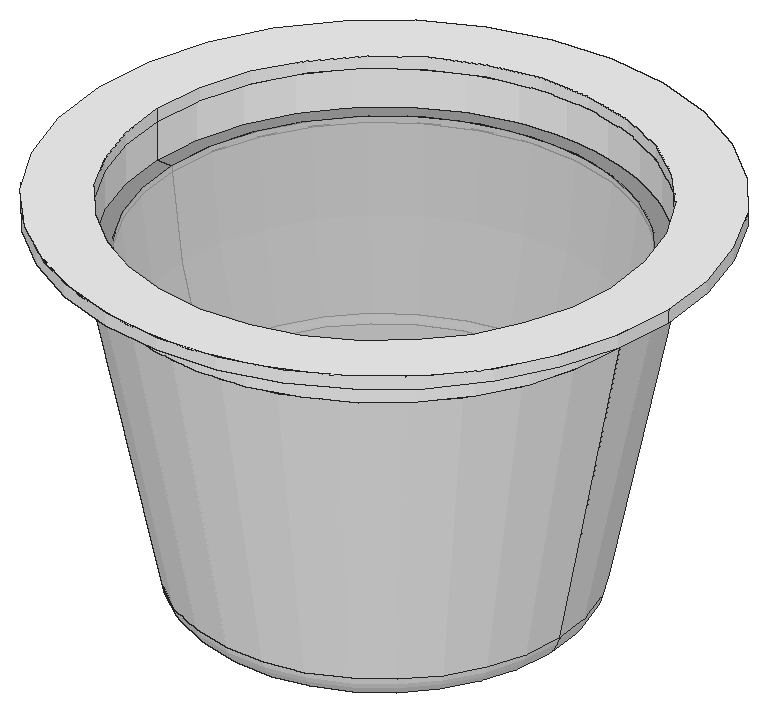
Revit family "2059153 Lighting Fixture_Sylvania_Ascent 100 Deco(120)-High Efficiency_Ceiling Recessed", category Lighting Fixtures, host Face, Revit 2017
Family settings
  Host = Face
  Round Connector Dimension = Use Diameter
  Part Type = Normal
  OmniClass Number = 23.80.70.11.17
  OmniClass Title = Specialized Lighting by Location or Use
  Cut with Voids When Loaded = No
  Light Source = Yes
  Shared = No
  Room Calculation Point = No
Parameters (values of type "Asct100 Deco HE 4K DALIEMG 120")
  Reflector Radius = Radius - 15.0 mm  # 60.0 mm
  Reflector Material = Aluminium_Sylvania_Ascent_Silver
  Radius = 75.0 mm
  Life = "50 000h"  # constant formula
  IP Rating = "IP44"  # constant formula
  IK Rating = "IK02"  # constant formula
  Height = 94.0 mm
  Wattage = 1.61115 W
  built-in parameter 1150110 = 1 (stored number, unit not read)
  Voltage Comments = "UNV (Universal Voltage; 220-240 Volt)"  # constant formula
  Voltage = 240 V  # constant formula
  URL = "https://www.sylvania-lighting.com/"
  built-in parameter 1114217 = 1 (stored number, unit not read)
  Tilt Angle = -90°
  built-in parameter 1150109 = 1 (stored number, unit not read)
  built-in parameter 1150134 = 12
  built-in parameter 1150113 = 1 (stored number, unit not read)
  Product Page URL = "https://www.sylvania-lighting.com/product/en-int/products/2059153"
  Product Family = "Ascent 100 Deco (120) - High Efficiency"  # constant formula
  Photometry Comments = ""
  Photometric Web File = "2059153_Asct100DecoHE4KDALIEMG120-188820.ies"
  Glow Wire Test = 850 °C
  Emit from Circle Diameter = 2 * Diffuser Radius  # 112.0 mm
  Emit Shape Visible in Rendering = no
  Drive Current = "350mA"  # constant formula
  Diffuser Radius = Reflector Radius - 4.0 mm  # 56.0 mm
  Diffuser Material = Polycarbonate_Sylvania_Ascent_Clear
  Diameter = 2 * Radius  # 150.0 mm
  Cutout Diameter = Diameter - 11.0 mm  # 139.0 mm
  built-in parameter 1114216 [instance] = 1 (stored number, unit not read)
  Model = "Asct100 Deco HE 3K DALIEMG 120"
  Manufacturer = "Feilo-Sylvania Group"
  built-in parameter 1150105 = 89.506 (stored number, unit not read)
  Lumens = 163 lm
  built-in parameter 1150115 = 1 (stored number, unit not read)
  built-in parameter 1150137 = (empty or 0)
  built-in parameter 1150139 = (empty or 0)
  built-in parameter 1150112 = 1 (stored number, unit not read)
  built-in parameter 1150114 = 1 (stored number, unit not read)
  Lamp = "Integrated LED"
  built-in parameter 1150132 = 2
  built-in parameter 1150102 = (empty or 0)
  built-in parameter 1150107 = 4000 (stored number, unit not read)
  built-in parameter 1150138 = (empty or 0)
  built-in parameter 1150106 = 0.89506 (stored number, unit not read)
  Body Material = Aluminum_Sylvania_Ascent_White
  built-in parameter 1150104 = 9.399 (stored number, unit not read)
  Dimming Lamp Color Temperature Shift = <None>
  Description = "Direct LED retro fit for original LED 100 Deco (120) single CFL lamp offering Matching lumen levels and improved light distribution of original LED 100 CFL lamp equivalents Typically half the power consumption compared to CFL Up to 104lm/W 120mm aperture Decorative reflector accepts snap fit polycarbonate accessories from existing LED 100 Deco 120 offering New kometa accessory ring creates a diffused indirect halo of light onto the ceiling for decorative effect HE, HO and VHO versions equivalent of single 1 x 13W, 1 x 18W, 1 x 26W Additional VVHO versions which offer the performance circa 2 x 26W equivalent"  # constant formula
  Default Elevation = 0.0 mm
  Color Filter = 16777215
  Catalog Number = "2059153 Asct100 Deco HE 4K DALIEMG 120"
  built-in parameter 1140040 [instance] = 1
  built-in parameter 1114218 = 1 (stored number, unit not read)
  built-in parameter 1150133 = 10 (stored number, unit not read)
  Assembly Code = "D5020200"
  Apparent Load Comments = ""
  Apparent Load = 6 VA
  Aperture = 2 * Reflector Radius  # 120.0 mm
Reference planes
  plane 1 "Center (Front/Back)": y = 0
  plane 2: z = 0
  plane 3 "Center (Left/Right)": x = 0
  plane 4 "Fixture Bottom": z = 3
  plane 5: z = -53.5
  plane 6 "Fixture Top": z = -91
  plane 7: z = -9
  plane 8: z = -10.5
Forms (mm)
  Extrusion 1, solid, material "Aluminum_Sylvania_Ascent_White" <- "Body Material", detail levels fine
    sketch origin (0, 0, 0) x (1, 0, 0) y (0, 1, 0)
      loop
        circle (0, 0) r 75
      loop
        circle (0, 0) r 60
    from 0 to 3
  Extrusion 2, void
    sketch origin (0, 0, 0) x (1, 0, 0) y (0, 1, 0)
      loop
        circle (0, 0) r 69.5
    from -91 to 3
  Revolve 3, solid, material "Aluminum_Sylvania_Ascent_White" <- "Body Material", detail levels fine
    sketch origin (0, 0, 0) x (1, 0, 0) y (0, 0, 1)
      loop
        line (-62, 0) -> (-62, -10.5) -> (-46.236, -84.663)
        arc (-46.236, -84.663) -> (-43.445, -89.217) -> (-38.411, -91) r 8
        line (-38.411, -91) -> (0, -91) -> (0, -89) -> (-38.456, -89)
        arc (-38.456, -89) -> (-42.232, -87.663) -> (-44.324, -84.247) r 6
        line (-44.324, -84.247) -> (-60, -10.5) -> (-60, 0) -> (-62, 0)
      axis (0, -91) -> (0, 0)
    angle from 0 to 360
  Revolve 4, solid, material "Aluminium_Sylvania_Ascent_Silver" <- "Reflector Material", detail levels fine
    sketch origin (0, 0, 0) x (1, 0, 0) y (0, 0, 1)
      loop
        line (-60, -9) -> (-60, -10.5) -> (-57, -10.5)
        arc (-57, -10.5) -> (-54.319, -31.239) -> (-48.971, -51.454) r 160.868
        arc (-48.971, -51.454) -> (-47.878, -52.935) -> (-46.127, -53.5) r 3
        line (-46.127, -53.5) -> (-38, -53.5)
        arc (-38, -53.5) -> (-36.855, -62.037) -> (-33.5, -69.971) r 32.394
        line (-33.5, -69.971) -> (0, -69.971) -> (0, -52.5) -> (-46.127, -52.5)
        arc (-46.127, -52.5) -> (-47.294, -52.124) -> (-48.023, -51.136) r 2
        arc (-48.023, -51.136) -> (-53.335, -31.062) -> (-56, -10.468) r 159.868
        line (-56, -10.468) -> (-56, -9) -> (-60, -9)
      axis (0, -9) -> (0, -69.971)
    angle from 0 to 360
  Extrusion 5, solid, material "Polycarbonate_Sylvania_Ascent_Clear" <- "Diffuser Material", detail levels fine
    sketch origin (0, 0, 0) x (1, 0, 0) y (0, 1, 0)
      loop
        circle (0, 0) r 56
    from -10.5 to -9
  Revolve 6, solid, material "Aluminum_Sylvania_Ascent_White" <- "Body Material", detail levels coarse+medium
    sketch origin (0, 0, 0) x (1, 0, 0) y (0, 0, 1)
      loop
        line (-75, 0) -> (-62, 0) -> (-62, -10.5) -> (-46.236, -84.663)
        arc (-46.236, -84.663) -> (-43.445, -89.217) -> (-38.411, -91) r 8
        line (-38.411, -91) -> (0, -91) -> (0, 3) -> (-75, 3) -> (-75, 0)
      axis (0, -91) -> (0, 3)
    angle from 0 to 360
Cuts and joins
  joined: Extrusion 1, Revolve 3
Dimensions and locks
  plane 4 "Fixture Bottom" to plane 2 to plane 7 to plane 8 to plane 5 = 3.0 mm locked, 9.0 mm locked, 1.5 mm locked, 43.0 mm locked
  "Height": plane 4 "Fixture Bottom" to plane 6 "Fixture Top"
  "Reflector Radius": plane 3 "Center (Left/Right)" to Revolve 4 sketch curve
  Revolve 4 sketch curve to Revolve 4 sketch curve = 4.0 mm
  Revolve 4 sketch curve to Revolve 4 sketch curve = 1.0 mm
  Revolve 4 sketch curve to Revolve 4 sketch curve to Revolve 4 sketch curve to Revolve 4 sketch curve to Revolve 4 sketch curve = 11.029 mm locked, 2.844 mm locked, 8.127 mm locked, 4.5 mm locked
  "Reflector Radius": plane 3 "Center (Left/Right)" to Revolve 3 sketch curve
  locked: Revolve 3 sketch curve to Revolve 3 sketch curve at 2
  Revolve 3 sketch curve to Revolve 3 sketch curve to Revolve 3 sketch curve = 13.764 mm locked, 7.825 mm locked
  "Radius": Revolve 6 sketch curve to plane 3 "Center (Left/Right)"
  Revolve 6 sketch curve to Revolve 6 sketch curve to Revolve 6 sketch curve to Revolve 6 sketch curve = 13.0 mm locked, 15.764 mm locked, 7.825 mm locked
  "Cutout Diameter": diameter of Extrusion 2 sketch curve
  "Reflector Radius": radius of Extrusion 1 sketch curve
  "Diffuser Radius": radius of Extrusion 5 sketch curve
  "Radius": radius of Extrusion 1 sketch curve
  aligned and locked: host face to plane 2
  aligned and locked: host face to level
  aligned and locked: plane 1 "Center (Front/Back)" to imposter light
  aligned and locked: plane 3 "Center (Left/Right)" to imposter light
  aligned and locked: plane 4 "Fixture Bottom" to Extrusion 1
  aligned and locked: Extrusion 1 to plane 2
  aligned and locked: Revolve 4 sketch curve to plane 3 "Center (Left/Right)"  (x2)
  aligned and locked: plane 6 "Fixture Top" to Extrusion 2
  aligned and locked: plane 7 to Revolve 4 sketch curve
  aligned and locked: Revolve 4 sketch curve to plane 8
  aligned and locked: imposter light to Extrusion 2
  aligned and locked: plane 7 to Extrusion 5
  aligned and locked: Extrusion 5 to plane 8
  aligned and locked: imposter light to plane 4 "Fixture Bottom"
  aligned and locked: Revolve 3 sketch curve to plane 2
  aligned and locked: plane 8 to Revolve 3 sketch curve  (x2)
  aligned and locked: Revolve 3 sketch curve to plane 6 "Fixture Top"
  aligned and locked: imposter light to Revolve 3 sketch curve
  aligned and locked: imposter light to Revolve 6 sketch curve
  aligned and locked: Revolve 6 sketch curve to imposter light
Automatic sketch dimensions
  plane 1 "Center (Front/Back)" to Extrusion 2 sketch curve = 0.0 mm
  Extrusion 2 sketch curve to plane 3 "Center (Left/Right)" = 0.0 mm
  Extrusion 1 sketch curve to Extrusion 1 sketch curve = 0.0 mm  (x2)
  plane 1 "Center (Front/Back)" to Extrusion 1 sketch curve = 0.0 mm
  Extrusion 1 sketch curve to plane 3 "Center (Left/Right)" = 0.0 mm
  plane 1 "Center (Front/Back)" to Extrusion 5 sketch curve = 0.0 mm
  Extrusion 5 sketch curve to plane 3 "Center (Left/Right)" = 0.0 mm
  host sketch curve to host sketch curve = 1368.192 mm
  host sketch curve to host sketch curve = 1399.962 mm
  Revolve 4 sketch curve to plane 5 = 0.0 mm
  Revolve 4 sketch curve to plane 5 = 16.471 mm
  plane 8 to Revolve 4 sketch curve = 0.032 mm
  Revolve 4 sketch curve to Revolve 4 sketch curve = 0.0 mm  (x5)
  Revolve 4 sketch curve to level = 0.289 mm
  Revolve 4 sketch curve to Revolve 4 sketch curve = 2.387 mm
  plane 4 "Fixture Bottom" to Revolve 4 sketch curve = 9.642 mm
  Revolve 4 sketch curve to Revolve 4 sketch curve = 0.948 mm
  Revolve 3 sketch curve to plane 6 "Fixture Top" = 6.337 mm
  Revolve 3 sketch curve to Revolve 3 sketch curve = 1.912 mm
  Revolve 3 sketch curve to plane 6 "Fixture Top" = 6.753 mm
  Revolve 3 sketch curve to Revolve 3 sketch curve = 0.045 mm
  Revolve 3 sketch curve to Revolve 3 sketch curve = 2.0 mm
  Revolve 3 sketch curve to plane 3 "Center (Left/Right)" = 0.0 mm
  plane 6 "Fixture Top" to Revolve 3 sketch curve = 210.8 mm
  plane 4 "Fixture Bottom" to Revolve 3 sketch curve = 304.8 mm
  Revolve 6 sketch curve to plane 8 = 0.0 mm
  Revolve 6 sketch curve to plane 6 "Fixture Top" = 0.0 mm
  Revolve 6 sketch curve to plane 6 "Fixture Top" = 6.337 mm
  Revolve 6 sketch curve to level = 0.0 mm
  plane 3 "Center (Left/Right)" to Revolve 6 sketch curve = 0.0 mm
  plane 6 "Fixture Top" to Revolve 6 sketch curve = 210.8 mm
  plane 4 "Fixture Bottom" to Revolve 6 sketch curve = 304.8 mm
Connectors
  electrical at (0, 0, -91), driven by "Voltage", driven by "Apparent Load"
    settings: index 1, voltage 240 V, apparent load 0 VA, apparent load phase1 6 VA, apparent load phase2 0 VA, apparent load phase3 0 VA, power factor 1, load classification "Lighting", number of poles 1, system type 31, power factor state 1, is connector primary yes, connector utility no, sub classification motor no, connector description ""
